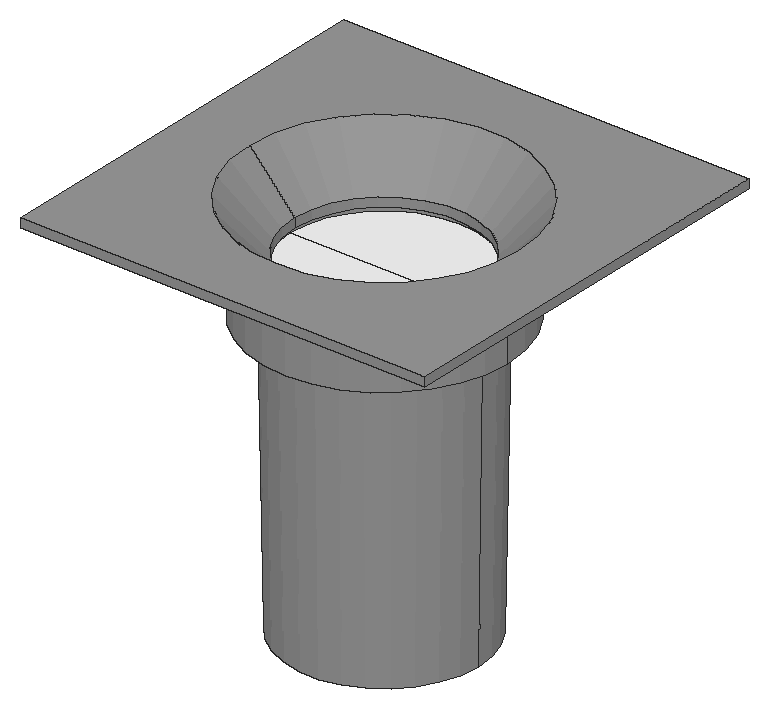
Revit family "0005308", category Lighting Fixtures, host Face, Revit 2017
Family settings
  Host = Face
  Round Connector Dimension = Use Diameter
  Part Type = Normal
  OmniClass Number = 23.80.70.00
  OmniClass Title = Lighting
  Cut with Voids When Loaded = No
  Light Source = No
  Shared = No
  Room Calculation Point = No
Parameters (values of type "0005308+0005306 Ludospot 50 Hous SQR 90 FIX IP44 WHT + Ludospot 50 940lm 940 WB DIM")
  Weight = "n/a"
  Wattage Comments = ""
  WarrantyStartDate [instance] = "n/a"
  WarrantyGuarantorParts = "n/a"
  WarrantyDurationUnit = "n/a"
  WarrantyDurationParts = "n/a"
  WarrantyDescription = "n/a"
  WallThickness_SYL = 2 mm
  Voltage = 0 V
  VerticalRotationMid_SYL [instance] = 112.00°
  URL = "http://www.sylvania-lighting.com"
  TypeName = "Ludospot 50 Hous SQR 90 FIX IP44 WHT + Ludospot 50 940lm 940 WB DIM"
  TypeLamp_SYL = Ludospot 50 Modules : 0005306 Ludospot 50 940lm 940 WB DIM
  Type Image = <None>
  Type Comments = "n/a"
  TrimWidth_SYL = 90 mm
  TrimHeight_SYL = 2 mm
  SerialNumber [instance] = "n/a"
  RecessWidth_SYL = 35 mm
  RecessDepth_SYL = 100 mm
  Material_3_SYL = none
  PowerFactor = 0.9
  PowerConsumption = "12 W"
  NominalLength = 90 mm
  NominalHeight = 0 mm
  NominalDepth = 90 mm
  Name = "Ludospot 50 Hous SQR 90 FIX IP44 WHT + Ludospot 50 940lm 940 WB DIM"
  ModelReference = Name  # "Ludospot 50 Hous SQR 90 FIX IP44 WHT + Ludospot 50 940lm 940 WB DIM"
  ModelNumber = "0005308+0005306"
  Model = Name  # "Ludospot 50 Hous SQR 90 FIX IP44 WHT + Ludospot 50 940lm 940 WB DIM"
  Material = "aluminium housing"
  ManufacturerName = "Feilo Sylvania"
  Manufacturer = "Feilo Sylvania"
  LuminousEfficacy = "78 lm/W"
  LuminaireType = ""
  LightOutputRatio = "n/a"
  LampsType = Lamp  # "LED"
  LampNominalLuminous = "940 lm"
  LampMacAdamStep = "3"
  LampColourTemperature = "4000 K"
  LampColourRenderingIndex = "90"
  Lamp = "LED"
  Keynote = "16500"
  InstallationDate [instance] = "n/a"
  InputVoltage = "220-240 V AC"
  InputNominalFrequency = "50/60 HZ"
  IngressProtection = "IP44/20"
  ImpactProtectionIndex = "IK03"
  IfcExportType = "IfcLightFixtureType"
  IfcExportAs = "IfcLightFixtureType"
  HorizontalRotationMid_SYL [instance] = 315.00°
  HoleDist_SYL = 220 mm
  EndAngleMid_SYL [instance] = HorizontalRotationMid_SYL + 180.00°  # 495.00°
  ElectricShockClassification = "Class II"
  DocumentationLiterature = "http://www.sylvania-lighting.com/product/en-int/products/0005308"
  DimmingControlOptions = "n/a"
  Material_2_SYL = none
  Description = ""
  Default Elevation = 1219.2 mm
  CreatedOn = "7/29/2019"
  CreatedBy = "@sylvania-lighting.com"
  Cost = 0
  built-in parameter 1114216 [instance] = (empty or 0)
  ClassificationValue = "EF_70_80"
  ClassificationName = "Uniclass2015"
  Material_1_SYL = PC/ABS Plastic
  CircularCutOutDia_SYL = 38.5 mm
  BarCode [instance] = "n/a"
  AssetType = "Fixed"
  AssetIdentifier [instance] = "n/a"
  Assembly Code = "D5020200"
  Apparent Load = 0 VA
  Material_4_SYL = none
Types (6, lengths in mm): name | TypeName | TypeLamp_SYL | Name | ModelReference | ModelNumber | Model | LuminousEfficacy | LampNominalLuminous | LampColourTemperature
  0005308+0005306 Ludospot 50 Hous SQR 90 FIX IP44 WHT + Ludospot 50 940lm 940 WB DIM | "Ludospot 50 Hous SQR 90 FIX IP44 WHT + Ludospot 50 940lm 940 WB DIM" | Ludospot 50 Modules : 0005306 Ludospot 50 940lm 940 WB DIM | "Ludospot 50 Hous SQR 90 FIX IP44 WHT + Ludospot 50 940lm 940 WB DIM" | "Ludospot 50 Hous SQR 90 FIX IP44 WHT + Ludospot 50 940lm 940 WB DIM" | "0005308+0005306" | "Ludospot 50 Hous SQR 90 FIX IP44 WHT + Ludospot 50 940lm 940 WB DIM" | "78 lm/W" | "940 lm" | "4000 K"
  0005308+0005305 Ludospot 50 Hous SQR 90 FIX IP44 WHT + Ludospot 50 920lm 930 WB DIM | "Ludospot 50 Hous SQR 90 FIX IP44 WHT + Ludospot 50 920lm 930 WB DIM" | Ludospot 50 Modules : 0005305 Ludospot 50 920lm 940 WB DIM | "Ludospot 50 Hous SQR 90 FIX IP44 WHT + Ludospot 50 920lm 930 WB DIM" | "Ludospot 50 Hous SQR 90 FIX IP44 WHT + Ludospot 50 920lm 930 WB DIM" | "0005308+0005305" | "Ludospot 50 Hous SQR 90 FIX IP44 WHT + Ludospot 50 920lm 930 WB DIM" | "77 lm/W" | "920 lm" | "3000 K"
  0005308+0005304 Ludospot 50 Hous SQR 90 FIX IP44 WHT + Ludospot 50 1000lm 940 MB DIM | "Ludospot 50 Hous SQR 90 FIX IP44 WHT + Ludospot 50 1000lm 940 MB DIM" | Ludospot 50 Modules : 0005304 Ludospot 50 1000lm 940 MB DIM | "Ludospot 50 Hous SQR 90 FIX IP44 WHT + Ludospot 50 1000lm 940 MB DIM" | "Ludospot 50 Hous SQR 90 FIX IP44 WHT + Ludospot 50 1000lm 940 MB DIM" | "0005308+0005304" | "Ludospot 50 Hous SQR 90 FIX IP44 WHT + Ludospot 50 1000lm 940 MB DIM" | "83 lm/W" | "950 lm" | "4000 K"
  0005308+0005303 Ludospot 50 Hous SQR 90 FIX IP44 WHT + Ludospot 50 950lm 930 MB DIM | "Ludospot 50 Hous SQR 90 FIX IP44 WHT + Ludospot 50 950lm 930 MB DIM" | Ludospot 50 Modules : 0005303 Ludospot 50 950lm 930 MB DIM | "Ludospot 50 Hous SQR 90 FIX IP44 WHT + Ludospot 50 950lm 930 MB DIM" | "Ludospot 50 Hous SQR 90 FIX IP44 WHT + Ludospot 50 950lm 930 MB DIM" | "0005308+0005303" | "Ludospot 50 Hous SQR 90 FIX IP44 WHT + Ludospot 50 950lm 930 MB DIM" | "80 lm/W" | "1000 lm" | "3000 K"
  0005308+0005302 Ludospot 50 Hous SQR 90 FIX IP44 WHT + Ludospot 50 990lm 940 NB DIM | "Ludospot 50 Hous SQR 90 FIX IP44 WHT + Ludospot 50 990lm 940 NB DIM" | Ludospot 50 Modules : 0005302 Ludospot 50 990lm 930 NB DIM | "Ludospot 50 Hous SQR 90 FIX IP44 WHT + Ludospot 50 990lm 940 NB DIM" | "Ludospot 50 Hous SQR 90 FIX IP44 WHT + Ludospot 50 990lm 940 NB DIM" | "0005308+0005302" | "Ludospot 50 Hous SQR 90 FIX IP44 WHT + Ludospot 50 990lm 940 NB DIM" | "83 lm/W" | "990 lm" | "4000 K"
  0005308+0005301 Ludospot 50 Hous SQR 90 FIX IP44 WHT + Ludospot 50 950lm 930 NB DIM | "Ludospot 50 Hous SQR 90 FIX IP44 WHT + Ludospot 50 950lm 930 NB DIM" | Ludospot 50 Modules : 0005301 Ludospot 50 950lm 930 NB DIM | "Ludospot 50 Hous SQR 90 FIX IP44 WHT + Ludospot 50 950lm 930 NB DIM" | "Ludospot 50 Hous SQR 90 FIX IP44 WHT + Ludospot 50 950lm 930 NB DIM" | "0005308+0005301" | "Ludospot 50 Hous SQR 90 FIX IP44 WHT + Ludospot 50 950lm 930 NB DIM" | "80 lm/W" | "950 lm" | "3000 K"
Reference planes
  plane 1 "Center (Front/Back)": y = 0
  plane 2: z = 0
  plane 3 "Center (Left/Right)": x = 0
  plane 4: z = -100
  plane 5: z = 2
  plane 6: x = -45
  plane 7: x = 45
  plane 8: y = 45
  plane 9: y = -45
  plane 10: x = -20
  plane 11: x = -30
  plane 12: z = -9
  plane 13: z = -11
  plane 14: x = -30.5
  plane 15: x = -27.5
  plane 16: x = -24.5
  plane 17: z = -21.3
  plane 18: x = -31.5
  plane 19: z = -3
Forms (mm)
  Extrusion 1, void
    sketch origin (0, 0, 0) x (1, 0, 0) y (0, 1, 0)
      loop
        circle (0, 0) r 35
    from 0 to -100
  Extrusion 2, solid, material "PC/ABS Plastic" <- "Material_1_SYL"
    sketch origin (0, 0, 0) x (1, 0, 0) y (0, 1, 0)
      loop
        line (-45, 45) -> (-45, -45) -> (45, -45) -> (45, 45) -> (-45, 45)
    from 0 to 2
  Revolve 3, void
    sketch origin (0, 0, 0) x (1, 0, 0) y (0, 0, 1)
      loop
        line (-31.5, 2) -> (-31.5, 0) -> (0, 0) -> (0, 2) -> (-31.5, 2)
      axis (0, 2) -> (0, 0)
    angle from 360 to 0
  Revolve 4, solid, material "PC/ABS Plastic" <- "Material_1_SYL"
    sketch origin (0, 0, 0) x (1, 0, 0) y (0, 0, 1)
      loop
        line (-30, 2) -> (-31.5, 2) -> (-31.5, 0) -> (-30.5, 0) -> (-27.5, -3) -> (-27.5, -21.3) -> (-24.5, -21.3) -> (-24.5, -11) -> (-20, -11) -> (-20, -9) -> (-30, 2)
      axis (0, 2) -> (0, -21.3)
    angle from 360 to 0
Cuts and joins
  Revolve 3 cuts Extrusion 2
  joined: Extrusion 2, Revolve 4
Lines and regions (mm)
  reference lines
    curve 1: circle (0, 0, 0) r 35 normal (0, 0, -1)
Dimensions and locks
  "RecessDepth_SYL": plane 2 to plane 4
  "TrimHeight_SYL": plane 5 to plane 2
  equal spacing: host sketch curve, plane 1 "Center (Front/Back)", host sketch curve
  equal spacing: host sketch curve, plane 3 "Center (Left/Right)", host sketch curve
  equal spacing: plane 6, plane 3 "Center (Left/Right)", plane 7
  "TrimWidth_SYL": plane 6 to plane 7
  equal spacing: plane 9, plane 1 "Center (Front/Back)", plane 8
  "TrimWidth_SYL": plane 9 to plane 8
  locked: plane 5 to plane 12 at 11
  locked: plane 12 to plane 13 at 2
  plane 3 "Center (Left/Right)" to plane 14 = 30.5 mm
  locked: plane 3 "Center (Left/Right)" to plane 15 at 27.5
  locked: plane 3 "Center (Left/Right)" to plane 16 at 24.5
  locked: plane 2 to plane 17 at 21.3
  locked: plane 14 to plane 18 at 1
  locked: plane 2 to plane 19 at 3
  "RecessWidth_SYL": radius of curve 1
  aligned and locked: plane 2 to host face
  aligned and locked: level to host face
  aligned and locked: level to Extrusion 1
  aligned and locked: plane 4 to Extrusion 1
  aligned and locked: plane 2 to Extrusion 1
  aligned and locked: plane 3 "Center (Left/Right)" to curve 1
  aligned and locked: plane 1 "Center (Front/Back)" to curve 1
  aligned and locked: Extrusion 1 sketch curve to curve 1
  aligned and locked: Extrusion 2 sketch curve to plane 8
  aligned and locked: Extrusion 2 sketch curve to plane 6
  aligned and locked: plane 9 to Extrusion 2 sketch curve
  aligned and locked: plane 7 to Extrusion 2 sketch curve
  aligned and locked: Extrusion 2 to plane 5
  aligned and locked: Extrusion 2 to level
  aligned and locked: plane 5 to Revolve 3 sketch curve
  aligned and locked: Revolve 3 sketch curve to curve 1  (x2)
  aligned and locked: Revolve 3 sketch curve to plane 3 "Center (Left/Right)"
  aligned and locked: Revolve 4 sketch curve to plane 3 "Center (Left/Right)"
  aligned and locked: Revolve 4 sketch curve to plane 10
  aligned and locked: Revolve 4 sketch curve to plane 13
  aligned and locked: Revolve 4 sketch curve to plane 16
  aligned and locked: Revolve 4 sketch curve to plane 17
  aligned and locked: plane 15 to Revolve 4 sketch curve
  aligned and locked: level to Revolve 4 sketch curve
  aligned and locked: plane 5 to Revolve 4 sketch curve
  aligned and locked: plane 18 to Revolve 4 sketch curve
  aligned and locked: plane 18 to Revolve 3 sketch curve
  aligned and locked: nested 1 to plane 1 "Center (Front/Back)"
  aligned and locked: nested 1 to plane 3 "Center (Left/Right)"
Automatic sketch dimensions
  Revolve 4 sketch curve to plane 14 = 0 mm
  Revolve 4 sketch curve to plane 11 = 0 mm
  Revolve 4 sketch curve to plane 15 = 0 mm
  Revolve 4 sketch curve to plane 12 = 0 mm
  Revolve 4 sketch curve to plane 19 = 0 mm
  plane 4 to Revolve 4 sketch curve = 509.6 mm
  Revolve 4 sketch curve to plane 5 = 2607.058 mm
  plane 4 to Revolve 3 sketch curve = 509.6 mm
  Revolve 3 sketch curve to Revolve 3 sketch curve = 2607.058 mm
Nested families
  nested 1: "Ludospot 50 Modules" at (0, 0, -11) x (-1, 0, 0) z (0, 0, 1), type <- "TypeLamp_SYL", type "0005306 Ludospot 50 940lm 940 WB DIM"
    with WarrantyStartDate "n/a", SerialNumber "n/a", InstallationDate "n/a", built-in parameter 1114216 (empty or 0), BarCode "n/a", AssetIdentifier "n/a"
Definition of nested family "Ludospot 50 Modules"
  Parameters (values of type "0005305 Ludospot 50 920lm 940 WB DIM")
    Weight = ""
    Wattage Comments = ""
    Wattage = 12 W
    WarrantyStartDate [instance] = "n/a"
    WarrantyGuarantorParts = "n/a"
    WarrantyDurationUnit = "n/a"
    WarrantyDurationParts = "n/a"
    WarrantyDescription = "n/a"
    built-in parameter 1150110 = 1 (stored number, unit not read)
    Voltage = 220 V
    URL = "http://www.sylvania-lighting.com"
    TypeName = "Ludospot 50 920lm 940 WB DIM"
    Type Image = (empty or 0)
    Type Comments = "n/a"
    built-in parameter 1114217 = 1 (stored number, unit not read)
    Tilt Angle = -90.00°
    built-in parameter 1150109 = 1 (stored number, unit not read)
    built-in parameter 1150134 = (empty or 0)
    built-in parameter 1150113 = 1 (stored number, unit not read)
    SerialNumber [instance] = "n/a"
    Photometric Web File = "0005305.ies"
    Material_3_SYL = none
    PowerFactor = 0.9
    PowerConsumption = "12 W"
    NominalLength = 50 mm
    NominalHeight = 73 mm
    NominalDepth = 50 mm
    Name = "0005305 Ludospot 50 920lm 940 WB DIM"
    ModelReference = Name  # "0005305 Ludospot 50 920lm 940 WB DIM"
    ModelNumber = "0005305"
    Model = Name  # "0005305 Ludospot 50 920lm 940 WB DIM"
    Material = "aluminium housing"
    ManufacturerName = "Feilo Sylvania"
    Manufacturer = "Feilo Sylvania"
    LuminousEfficacy = "77 lm/W"
    built-in parameter 1150105 = 73.53 (stored number, unit not read)
    Lumens = 924 lm
    LuminaireType = ""
    built-in parameter 1150115 = 1 (stored number, unit not read)
    LightOutputRatio = ""
    built-in parameter 1150137 = (empty or 0)
    built-in parameter 1150139 = (empty or 0)
    LampsType = Lamp  # "LED"
    LampNominalLuminous = "920 lm"
    LampMacAdamStep = "3"
    LampColourTemperature = "3000 K"
    LampColourRenderingIndex = "90"
    built-in parameter 1150112 = 1 (stored number, unit not read)
    built-in parameter 1150114 = 1 (stored number, unit not read)
    Lamp = "LED"
    Keynote = "16500"
    InstallationDate [instance] = "n/a"
    InputVoltage = "220-240 V AC"
    InputNominalFrequency = "50/60 HZ"
    built-in parameter 1150132 = (empty or 0)
    built-in parameter 1150102 = (empty or 0)
    built-in parameter 1150107 = 3000 (stored number, unit not read)
    built-in parameter 1150138 = (empty or 0)
    IngressProtection = "IP44/20"
    ImpactProtectionIndex = "IK07"
    built-in parameter 1150106 = 0.7353 (stored number, unit not read)
    IfcExportType = "IfcLightFixtureType"
    IfcExportAs = "IfcLightFixtureType"
    Emit from Circle Diameter = 40 mm
    Emit Shape Visible in Rendering = no
    ElectricShockClassification = "Class II"
    built-in parameter 1150104 = 7.1535 (stored number, unit not read)
    DocumentationLiterature = "https://www.sylvania-lighting.com/product/en-int/products/0005305/"
    DimmingControlOptions = "Mains: leading / trailing edge"
    Material_2_SYL = none
    Dimming Lamp Color Temperature Shift = (empty or 0)
    Description = ""
    Default Elevation = 1219.2 mm
    CreatedOn = ""
    CreatedBy = ""
    Cost = 0
    Color Filter = 16777215
    built-in parameter 1114216 [instance] = (empty or 0)
    ClassificationValue = "EF_70_80"
    ClassificationName = "Uniclass2015"
    Material_1_SYL = none
    BarCode [instance] = "n/a"
    built-in parameter 1114218 = 1 (stored number, unit not read)
    built-in parameter 1150133 = 10 (stored number, unit not read)
    AssetType = ""
    AssetIdentifier [instance] = "n/a"
    Assembly Code = "D5020200"
    Apparent Load = 12 VA
    Material_4_SYL = none
  Types (6, lengths in mm): name | TypeName | built-in parameter 1150134 | Photometric Web File | Name | ModelReference | ModelNumber | Model | LuminousEfficacy | built-in parameter 1150105 | Lumens | LampNominalLuminous | LampColourTemperature | built-in parameter 1150107 | ImpactProtectionIndex | built-in parameter 1150106 | built-in parameter 1150104 | DocumentationLiterature
    0005305 Ludospot 50 920lm 940 WB DIM | "Ludospot 50 920lm 940 WB DIM" | (empty or 0) | "0005305.ies" | "0005305 Ludospot 50 920lm 940 WB DIM" | "0005305 Ludospot 50 920lm 940 WB DIM" | "0005305" | "0005305 Ludospot 50 920lm 940 WB DIM" | "77 lm/W" | 73.53 (stored number, unit not read) | 924 lm | "920 lm" | "3000 K" | 3000 (stored number, unit not read) | "IK07" | 0.7353 (stored number, unit not read) | 7.1535 (stored number, unit not read) | "https://www.sylvania-lighting.com/product/en-int/products/0005305/"
    0005304 Ludospot 50 1000lm 940 MB DIM | "Ludospot 50 1000lm 940 MB DIM" | 12 | "0005304.ies" | "0005304 Ludospot 50 1000lm 940 MB DIM" | "0005304 Ludospot 50 1000lm 940 MB DIM" | "0005304" | "0005304 Ludospot 50 1000lm 940 MB DIM" | "83 lm/W" | 79.259 (stored number, unit not read) | 996 lm | "950 lm" | "4000 K" | 4000 (stored number, unit not read) | "IK06" | 0.79259 (stored number, unit not read) | 7.711 (stored number, unit not read) | "https://www.sylvania-lighting.com/product/en-int/products/0005304/"
    0005303 Ludospot 50 950lm 930 MB DIM | "Ludospot 50 950lm 930 MB DIM" | (empty or 0) | "0005303.ies" | "0005303 Ludospot 50 950lm 930 MB DIM" | "0005303 Ludospot 50 950lm 930 MB DIM" | "0005303" | "0005303 Ludospot 50 950lm 930 MB DIM" | "80 lm/W" | 76.394 (stored number, unit not read) | 960 lm | "1000 lm" | "3000 K" | 3000 (stored number, unit not read) | "IK05" | 0.76394 (stored number, unit not read) | 7.4322 (stored number, unit not read) | "https://www.sylvania-lighting.com/product/en-int/products/0005303/"
    0005302 Ludospot 50 990lm 930 NB DIM | "Ludospot 50 990lm 930 NB DIM" | 12 | "0005302.ies" | "0005302 Ludospot 50 990lm 930 NB DIM" | "0005302 Ludospot 50 990lm 930 NB DIM" | "0005302" | "0005302 Ludospot 50 990lm 930 NB DIM" | "83 lm/W" | 79.259 (stored number, unit not read) | 996 lm | "990 lm" | "4000 K" | 4000 (stored number, unit not read) | "IK04" | 0.79259 (stored number, unit not read) | 7.711 (stored number, unit not read) | "https://www.sylvania-lighting.com/product/en-int/products/0005302/"
    0005301 Ludospot 50 950lm 930 NB DIM | "Ludospot 50 950lm 930 NB DIM" | (empty or 0) | "0005301.ies" | "0005301 Ludospot 50 950lm 930 NB DIM" | "0005301 Ludospot 50 950lm 930 NB DIM" | "0005301" | "0005301 Ludospot 50 950lm 930 NB DIM" | "80 lm/W" | 76.394 (stored number, unit not read) | 960 lm | "950 lm" | "3000 K" | 3000 (stored number, unit not read) | "IK03" | 0.76394 (stored number, unit not read) | 7.4322 (stored number, unit not read) | "https://www.sylvania-lighting.com/product/en-int/products/0005301/"
    0005306 Ludospot 50 940lm 940 WB DIM | "Ludospot 50 940lm 940 WB DIM" | 12 | "0005306.ies" | "0005306 Ludospot 50 940lm 940 WB DIM" | "0005306 Ludospot 50 940lm 940 WB DIM" | "0005306" | "0005306 Ludospot 50 940lm 940 WB DIM" | "78 lm/W" | 74.485 (stored number, unit not read) | 936 lm | "940 lm" | "4000 K" | 4000 (stored number, unit not read) | "IK08" | 0.74485 (stored number, unit not read) | 7.2464 (stored number, unit not read) | "https://www.sylvania-lighting.com/product/en-int/products/0005306/"
  Reference planes
    plane 1 "Center (Front/Back)": y = 0
    plane 2: z = 0
    plane 3 "Center (Left/Right)": x = 0
    plane 4: x = -25
    plane 5: z = -2.7
    plane 6: x = -23.6
    plane 7: z = -3.7
    plane 8: z = -12.7
    plane 9: z = -25.7
    plane 10: x = -22
    plane 11: z = -73
    plane 12: x = -21
    plane 13: z = -1.3
  Forms (mm)
    Extrusion 1, solid
      sketch origin (4.2, 0, 0) x (1, 0, 0) y (0, 1, 0)
        loop
          line (-1219.2, 1219.2) -> (-1219.2, -1219.2) -> (1219.2, -1219.2) -> (1219.2, 1219.2) -> (-1219.2, 1219.2)
      from 0 to -68.017
    Revolve 2, solid, material <- "Material_1_SYL"
      sketch origin (0, 0, 0) x (1, 0, 0) y (0, 0, 1)
        loop
          line (-25, 0) -> (-25, -2.7) -> (-23.6, -2.7) -> (-23.6, -3.7) -> (-22, -12.7) -> (-21, -73) -> (0, -73) -> (0, -1.3) -> (-21, -1.3) -> (-21, 0) -> (-25, 0)
        axis (0, 0) -> (0, -73)
      angle from 360 to 0
  Dimensions and locks
    locked: plane 3 "Center (Left/Right)" to plane 4 at 25
    locked: plane 3 "Center (Left/Right)" to plane 6 at 23.6
    locked: plane 7 to plane 8 at 9
    locked: plane 3 "Center (Left/Right)" to plane 10 at 22
    locked: plane 2 to plane 11 at 73
    locked: plane 3 "Center (Left/Right)" to plane 12 at 21
    plane 2 to plane 13 to plane 5 to plane 7 = 1.3 mm locked, 1.4 mm locked, 1 mm locked
    aligned and locked: plane 2 to Extrusion 1
    aligned and locked: level to Extrusion 1
    aligned and locked: Revolve 2 sketch curve to plane 4
    aligned and locked: plane 5 to Revolve 2 sketch curve
    aligned and locked: Revolve 2 sketch curve to plane 6
    aligned and locked: plane 8 to Revolve 2 sketch curve
    aligned and locked: plane 12 to Revolve 2 sketch curve  (x2)
    aligned and locked: plane 11 to Revolve 2 sketch curve
    aligned and locked: plane 3 "Center (Left/Right)" to Revolve 2 sketch curve
    aligned and locked: Revolve 2 sketch curve to level
    aligned and locked: plane 13 to Revolve 2 sketch curve  (x2)
    aligned and locked: Revolve 2 sketch curve to plane 12
    aligned and locked: level to imposter light
    aligned and locked: plane 3 "Center (Left/Right)" to imposter light
    aligned and locked: imposter light to plane 1 "Center (Front/Back)"
  Connectors
    electrical at (0, 0, -73), driven by "PowerFactor", driven by "Voltage", driven by "Apparent Load"
      settings: on Revolve 2, index 1, voltage 220 V, apparent load 12 VA, apparent load phase1 0 VA, apparent load phase2 0 VA, apparent load phase3 0 VA, power factor 0.9, load classification none, number of poles 1, system type 30, power factor state 1, is connector primary yes, connector utility no, sub classification motor no, connector description ""
